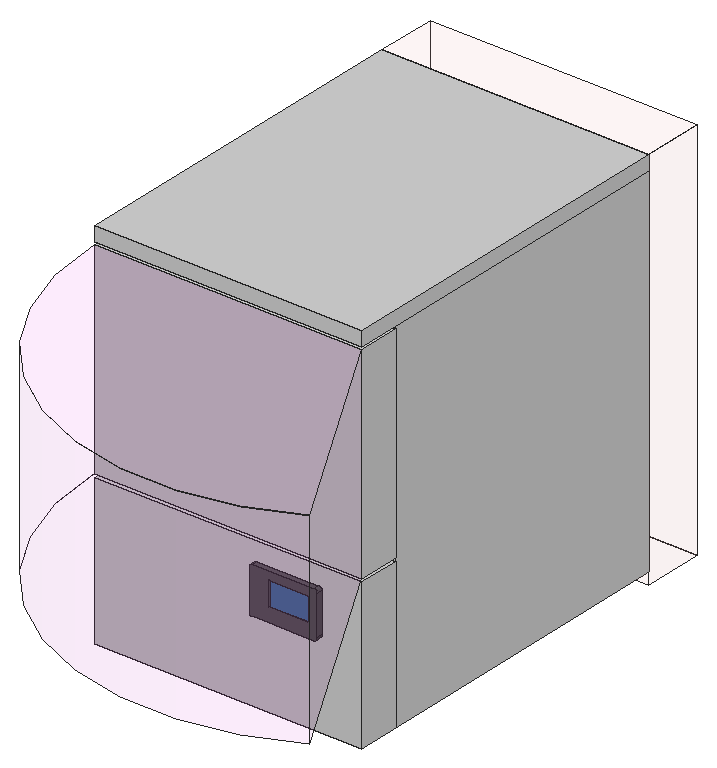
Revit family "Normann_ENTRY_ETR2_3A-R290", category Attrezzature speciali, Revit 2021
Family settings
  Quota connettore circolare = Usa diametro
  Tipo di parte = Normale
  Basato su piano di lavoro = No
  Sempre verticale = Sì
  Taglio con vuoti quando caricato = No
  Condiviso = No
  Punto di calcolo locali = No
Parameters (values of type "ENTRY2/3 AIR, R290, 220-240/1N/50, EVJ805, RHH, FEET")
  Yield per shock freezing cycle test time (EN22042) - min = 270
  Yield per shock freezing cycle energy consumed (EN22042) - kWh/kg = 0.223
  Yield per shock freezing cycle consuption (EN22042) - kWh = 0
  Yield per shock freezing cycle +65/-18°C (EN22042) - kg = 2
  Yield per shock freezing cycle (+90/-18°C) - kg = 4
  Yield per blast chiling cycle test time (EN22042) - min = 97
  Yield per blast chiling cycle energy consumed (EN22042) - kWh/kg = 0.087
  Yield per blast chiling cycle consumption (EN22042) - kWh = 0
  Yield per blast chiling cycle +65/+10°C (EN22042) - kg = 4
  Yield per blast chiling cycle (+90°C/+3°C) - kg = 6
  Wheel_Feet = no
  Wheel = Wheel_Feet  # no
  URL Manufacturer = "https://www.normann.it"
  Tray quantity GN2/3 h65mm = 0
  Tray quantity EN1-GN1/1 h65mm = 0
  Tray quantity EN1-GN1/1 h40mm = 0
  Tray quantity EN1-GN1/1 h20mm = 0
  Tray number = 3
  Tray Type = "GN2/3 (325 x 354 mm)"
  Temperature range - °C = "-40/+3"
  Suction line diameter - mm = 0 mm
  Show_Clearance [instance] = yes
  Refrigeration Climate Class = 4
  Refrigerant gas = "R290"
  Default Elevation = 0 mm
  built-in parameter 1010108 = ""
  Power Supply (Volts/Ph/Hz) = "220-240/1N/50"
  Packing volume - m3 = 0.2
  Packaging length actual - mm = 460 mm
  Packaging height actual - mm = 690 mm
  Packaging depth actual - mm = 610 mm
  Optional = "CORE PROBE"
  Net Weight kg = 124
  Model Series = "Entry"
  Model Category = "Blast chiller reach-in"
  Max power warm cycle - W = 0
  Max power cold cycle - W = 327
  Max current warm cycle - A = 0
  Max current cold cycle - A = 1.63
  Mat_Grid = Acciaio inox, spazzolato
  Mat_Frame = Acciaio inox, spazzolato
  Manufacturer = "Normann"
  Liquid line diameter - mm = 0 mm
  Length Actual = 440 mm
  Internal length actual - mm = 340 mm
  Internal height actual - mm = 250 mm
  Internal depth actual - mm = 364 mm
  Ice cream pan 5l quantity (360x165x120mm) = 0
  ID = "5A1D1A3B1-03A2E"
  Height_Door = 338 mm
  Height_Feet_Actual = if(Wheel_Feet, 150 mm, H_Feet_Limits)  # 125 mm
  Height Actual = 636 mm
  H_Feet_Limits = if(Height_Feet_100to160 < 100 mm, 100 mm, if(Height_Feet_100to160 > 160 mm, 160 mm, Height_Feet_100to160))  # 125 mm
  Gross Weight kg = 139
  GWP = 3
  Feet = not(Wheel_Feet)  # yes
  Door_SX = not(Door Side R_L)  # yes
  Door_DX = Door Side R_L  # no
  OffSet_Display = 68 mm
  Height_Feet_100to160 = 125 mm
  Door Side R_L = no
  Depth Body = 592 mm
  Depth Actual = 592 mm
  Controller = "EVJ805"
  Condensation = "AIR"
  Capacity internal - L = 31
  Asset Identifier = "ETR2/3A-R290"
Types (3, lengths in mm): name | ID
  (no name) | "5A1D1A3B1-03A2E"
  ENTRY2/3 AIR, R290, 220-240/1N/50, EVJ805, LHH, FEET | "5A1D1A3B1-03A1E"
  ENTRY2/3 AIR, R290, 220-240/1N/50, EVJ805, RHH, FEET | "5A1D1A3B1-03A2E"
Reference planes
  plane 1 "Retro": y = 0
  plane 2: z = 0
  plane 3 "Sinistra": x = 0
  plane 4: x = 65
  plane 5: x = 220
  plane 6: x = 375
  plane 7: x = 440
  plane 8: x = 88
  plane 9: x = 352
  plane 10: y = -100
  plane 11: y = -296
  plane 12: y = -452
  plane 13: y = -522
  plane 14: y = -592
  plane 15: y = -592
  plane 16: z = 20
  plane 17: z = 613
  plane 18: z = 197
  plane 19: z = 636
  plane 20: z = 608
  plane 21: z = 265
  plane 22: z = 270
  plane 23: y = 100
  plane 24 "Linee di taglio": y = -705
Forms (mm)
  Extrusion 1, solid, material "Acciaio inox, spazzolato" <- "Mat_Frame"
    sketch origin (0, 0, 0) x (1, 0, 0) y (0, 1, 0)
      loop
        line (0, 0) -> (0, -592) -> (440, -592) -> (440, 0) -> (0, 0)
    from 613 to 636
  Extrusion 2, solid, material "Acciaio inox, spazzolato" <- "Mat_Frame"
    sketch origin (0, 0, 0) x (1, 0, 0) y (0, 1, 0)
      loop
        line (0, 0) -> (0, -522) -> (440, -522) -> (440, 0) -> (0, 0)
    from 20 to 613
  Extrusion 3, solid, material "Acciaio inox, spazzolato" <- "Mat_Grid"
    sketch origin (0, 0, 0) x (1, 0, 0) y (0, 1, 0)
      loop
        line (0, -522) -> (0, -592) -> (440, -592) -> (440, -522) -> (0, -522)
    from 20 to 265
  Extrusion 4, solid, material "Acciaio inox, spazzolato" <- "Mat_Frame"
    sketch origin (0, 0, 0) x (1, 0, 0) y (0, 1, 0)
      loop
        line (0, -522) -> (0, -592) -> (440, -592) -> (440, -522) -> (0, -522)
    from 270 to 608
  Extrusion 5, solid, material "QF_Finishes_Clearance", visible <- "Show_Clearance"
    sketch origin (0, 0, 0) x (1, 0, 0) y (0, 1, 0)
      loop
        line (0, 100) -> (0, 0) -> (440, 0) -> (440, 100) -> (0, 100)
    from 0 to 636
  Extrusion 6, solid, material "Acciaio inox, spazzolato" <- "Mat_Frame"
    sketch origin (0, 0, 0) x (1, 0, 0) y (0, 0, 1)
      loop
        line (88, 50) -> (88, 80) -> (58, 80) -> (58, 50) -> (88, 50)
    from -1.043 to 0
  Extrusion 7, solid, material "Acciaio inox, spazzolato" <- "Mat_Frame"
    sketch origin (0, 0, 0) x (1, 0, 0) y (0, 0, 1)
      loop
        circle (352, 74.579) r 10
    from -6.778 to 0
Dimensions and locks
  equal spacing: plane 14, plane 11, plane 1 "Retro"
  "Depth Body": plane 14 to plane 1 "Retro"
  equal spacing: plane 3 "Sinistra", plane 5, plane 7
  "Length Actual": plane 3 "Sinistra" to plane 7
  locked: plane 3 "Sinistra" to plane 8 at 88
  locked: plane 9 to plane 7 at 88
  plane 4 to plane 5 to plane 6 = 155 mm locked, 155 mm locked
  plane 10 to plane 1 "Retro" = 100 mm
  plane 12 to plane 13 to plane 14 = 70 mm locked, 70 mm locked
  "Depth Actual": plane 15 to plane 1 "Retro"
  "Height Actual": plane 2 to plane 19
  locked: plane 17 to plane 19 at 23
  locked: plane 20 to plane 17 at 5
  "OffSet_Display": plane 21 to plane 18
  locked: plane 2 to plane 16 at 20
  plane 16 to plane 21 = 245 mm
  locked: plane 21 to plane 22 at 5
  locked: plane 1 "Retro" to plane 23 at 100
  plane 20 to plane 22 = 338 mm
  plane 24 "Linee di taglio" to nested 7 = 113 mm
  aligned and locked: level to plane 2
  aligned and locked: plane 1 "Retro" to Extrusion 1 sketch curve
  aligned and locked: plane 3 "Sinistra" to Extrusion 1 sketch curve
  aligned and locked: plane 7 to Extrusion 1 sketch curve
  aligned and locked: plane 14 to Extrusion 1 sketch curve
  aligned and locked: Extrusion 1 to plane 19
  aligned and locked: plane 17 to Extrusion 1
  aligned and locked: Extrusion 2 sketch curve to Extrusion 1  (x2)
  aligned and locked: Extrusion 2 sketch curve to plane 13
  aligned and locked: plane 7 to Extrusion 2 sketch curve
  aligned and locked: Extrusion 3 sketch curve to Extrusion 2  (x2)
  aligned and locked: plane 14 to Extrusion 3 sketch curve
  aligned and locked: Extrusion 3 sketch curve to Extrusion 1
  aligned and locked: Extrusion 4 sketch curve to Extrusion 2  (x2)
  aligned and locked: Extrusion 4 sketch curve to Extrusion 1  (x2)
  aligned and locked: Extrusion 2 to plane 17
  aligned and locked: plane 16 to Extrusion 2
  aligned and locked: plane 20 to Extrusion 4
  aligned and locked: Extrusion 4 to plane 22
  aligned and locked: Extrusion 3 to plane 21
  aligned and locked: plane 16 to Extrusion 3
  aligned and locked: plane 12 to nested 1
  aligned and locked: nested 1 to plane 9
  aligned and locked: nested 3 to plane 12
  aligned and locked: nested 3 to plane 8
  aligned and locked: Extrusion 5 sketch curve to plane 23
  aligned and locked: Extrusion 5 sketch curve to plane 1 "Retro"
  aligned and locked: Extrusion 5 to plane 19
  aligned and locked: plane 1 "Retro" to Extrusion 6
  aligned and locked: plane 1 "Retro" to Extrusion 7
  aligned and locked: nested 7 to plane 14
  aligned and locked: plane 3 "Sinistra" to nested 7
  aligned and locked: nested 7 to plane 20
  aligned and locked: plane 14 to nested 8
  aligned and locked: nested 8 to plane 7
  aligned and locked: nested 8 to plane 20
  aligned and locked: Extrusion 5 to plane 3 "Sinistra"
  aligned and locked: Extrusion 5 to plane 7
  aligned and locked: nested 2 to plane 9
  aligned and locked: plane 18 to nested 6
  aligned and locked: plane 6 to nested 6
  aligned and locked: plane 5 to nested 5
  aligned and locked: nested 5 to plane 18
Automatic sketch dimensions
  Extrusion 6 sketch curve to plane 8 = 0 mm
  Extrusion 6 sketch curve to plane 8 = 30 mm
  Extrusion 6 sketch curve to plane 16 = 30 mm
  Extrusion 6 sketch curve to Extrusion 6 sketch curve = 30 mm
  Extrusion 7 sketch curve to plane 9 = 0 mm
  Extrusion 7 sketch curve to plane 16 = 54.579 mm
  Extrusion 5 sketch curve to plane 7 = 0 mm
  Extrusion 5 sketch curve to plane 3 "Sinistra" = 0 mm
  radius of Extrusion 7 sketch curve = 10 mm
Nested families
  nested 1: "Piede_20mm_Param_Norm" at (352, -452, 20) x (0, 1, 0) z (0, 0, -1), type "Piede_20mm_Param_Norm"
  nested 2: "Piede_20mm_Param_Norm" at (352, -100, 20) x (0, 1, 0) z (0, 0, -1), type "Piede_20mm_Param_Norm"
  nested 3: "Piede_20mm_Param_Norm" at (88, -452, 20) x (0, 1, 0) z (0, 0, -1), type "Piede_20mm_Param_Norm"
  nested 4: "Piede_20mm_Param_Norm" at (88, -100, 20) x (0, 1, 0) z (0, 0, -1), type "Piede_20mm_Param_Norm"
  nested 5: "Griglia_Entry_Tiny" at (-39.083, -592, 261.402) x (1, 0, 0) z (0, -1, 0), type "Griglia_Entry_Tiny"
  nested 6: "Display_Entry" at (319, -592, 197) x (1, 0, 0) z (0, -1, 0), type "Display_Entry"
  nested 7: "Door_Clearance" at (0, -592, 270), Show_Clearance <- "Show_Clearance", visible <- "Door_DX", W <- "Length Actual", H <- "Height_Door", type "Door_Clearance"
    with W 440 mm, Show_Clearance yes, H 338 mm
  nested 8: "Door_Clearance" at (440, -592, 270) x (-1, 0, 0) z (0, 0, 1), W <- "Length Actual", H <- "Height_Door", Show_Clearance <- "Show_Clearance", visible <- "Door_SX", type "Door_Clearance"
    with W 440 mm, Show_Clearance yes, H 338 mm
Connectors
  piping at (352, 6.778, 74.579), diameter 20
    settings: on Extrusion 7, index 2, connector inside diameter 609.6 mm, connector length 0 mm, flow factor 0, pipe flow 0.0 L/s, pressure drop 0.0 Pa, fitting loss kfactor 0, connector angle 0.00°, fixture units 0, engagement length 0 mm, angle of deflection 0.00°, flow configuration 0, flow direction 0, fitting loss method 0, system type 29, joint type 0, gender type 0, connector reference index -1, connector utility 0, adjustable connector no, is connector primary yes, connector description "Water connection"
  electrical at (73, 1.043, 65)
    settings: on Extrusion 6, index 3, voltage 0 V, apparent load 0 VA, apparent load phase1 0 VA, apparent load phase2 0 VA, apparent load phase3 0 VA, power factor 1, load classification "Altro", number of poles 1, system type 31, power factor state 1, is connector primary yes, connector utility no, sub classification motor no, connector description "Electrical connection"
Definition of nested family "Piede_20mm_Param_Norm"
  Parameters (values of type "Piede_20mm_Param_Norm")
    Default Elevation = 1219.2 mm
    Mat_Frame [instance] = none
    Mat_Feet [instance] = none
    H_Feet = 20 mm
    D = 55 mm
  Reference planes
    plane 1 "Centro (Fronte/Retro)": y = 0
    plane 2: z = 0
    plane 3 "Centro (Sinistra/Destra)": x = 0
    plane 4: y = 27.5
    plane 5: y = -27.5
    plane 6: z = 20
    plane 7: z = 6.5
  Forms (mm)
    Extrusion 1, solid
      sketch origin (0, 0, 0) x (1, 0, 0) y (0, 1, 0)
        loop
          line (-1219.2, 1219.2) -> (-1219.2, -1219.2) -> (1219.2, -1219.2) -> (1219.2, 1219.2) -> (-1219.2, 1219.2)
      from 0 to -304.8
    Revolve 2, solid, material <- "Mat_Feet"
      sketch origin (0, 0, 0) x (0, 1, 0) y (0, 0, 1)
        loop
          line (-15.511, 6.5) -> (0, 6.5) -> (0, 20) -> (-17.153, 20)
          arc (-17.153, 20) -> (-18.948, 19.072) -> (-19.228, 17.07) r 2.2
          line (-19.228, 17.07) -> (-15.511, 6.5)
        axis (0, 20) -> (0, 6.5)
      angle from 0 to 360
    Extrusion 3, solid, material <- "Mat_Frame"
      sketch origin (0, 0, 0) x (1, 0, 0) y (0, 1, 0)
        loop
          line (3.743, 6.5) -> (-3.762, 6.5) -> (-7.515, 0.001) -> (-3.762, -6.5) -> (3.743, -6.5) -> (7.497, 0) -> (3.743, 6.5)
      from 0 to 6.5
  Dimensions and locks
    equal spacing: plane 5, plane 1 "Centro (Fronte/Retro)", plane 4
    "D": plane 5 to plane 4
    "H_Feet": plane 2 to plane 6
    locked: plane 7 to plane 6 at 13.5
    aligned and locked: plane 2 to Extrusion 1
    aligned and locked: level to Extrusion 1
    aligned and locked: Extrusion 3 to Revolve 2
    aligned and locked: Extrusion 3 to plane 2
    aligned and locked: Revolve 2 to plane 7
    aligned and locked: plane 7 to Extrusion 3
  Automatic sketch dimensions
    Extrusion 1 sketch curve to Extrusion 1 sketch curve = 2438.4 mm  (x2)
    plane 6 to Revolve 2 sketch curve = 0 mm
    Revolve 2 sketch curve to plane 1 "Centro (Fronte/Retro)" = 0 mm  (x2)
    Revolve 2 sketch curve to plane 5 = 11.989 mm
    plane 6 to Revolve 2 sketch curve = 2.2 mm
    Revolve 2 sketch curve to plane 5 = 10.347 mm
    plane 6 to Revolve 2 sketch curve = 2.93 mm
    level to Revolve 2 sketch curve = 6.5 mm
    level to Revolve 2 sketch curve = 2.038 mm
    Revolve 2 sketch curve to Revolve 2 sketch curve = 7.473 mm
    Extrusion 3 sketch curve to plane 3 "Centro (Sinistra/Destra)" = 7.515 mm
    Extrusion 3 sketch curve to Extrusion 3 sketch curve = 3.753 mm  (x2)
    Extrusion 3 sketch curve to Extrusion 3 sketch curve = 3.752 mm
    plane 3 "Centro (Sinistra/Destra)" to Extrusion 3 sketch curve = 3.743 mm  (x2)
    plane 1 "Centro (Fronte/Retro)" to Extrusion 3 sketch curve = 0 mm
    Extrusion 3 sketch curve to plane 1 "Centro (Fronte/Retro)" = 0.001 mm
    Extrusion 3 sketch curve to Extrusion 3 sketch curve = 6.501 mm
    Extrusion 3 sketch curve to Extrusion 3 sketch curve = 6.499 mm
Definition of nested family "Display_Entry"
  Parameters (values of type "Display_Entry")
    W = 112 mm
    Default Elevation = 1219.2 mm
    H = 10 mm
    D = 76 mm
  Reference planes
    plane 1 "Centro (Fronte/Retro)": y = 0
    plane 2: z = 0
    plane 3 "Centro (Sinistra/Destra)": x = 0
    plane 4: x = 56
    plane 5: x = -56
    plane 6: y = 38
    plane 7: y = -38
    plane 8: z = 10
    plane 9: z = 8
  Forms (mm)
    Extrusion 1, solid
      sketch origin (0, 0, 0) x (1, 0, 0) y (0, 1, 0)
        loop
          line (-1219.2, 1219.2) -> (-1219.2, -1219.2) -> (1219.2, -1219.2) -> (1219.2, 1219.2) -> (-1219.2, 1219.2)
      from 0 to -304.8
    Extrusion 2, solid
      sketch origin (0, 0, 0) x (1, 0, 0) y (0, 1, 0)
        loop
          arc (-51, 38) -> (-54.536, 36.536) -> (-56, 33) r 5
          line (-56, 33) -> (-56, -33)
          arc (-56, -33) -> (-54.536, -36.536) -> (-51, -38) r 5
          line (-51, -38) -> (51, -38)
          arc (51, -38) -> (54.536, -36.536) -> (56, -33) r 5
          line (56, -33) -> (56, 33)
          arc (56, 33) -> (54.536, 36.536) -> (51, 38) r 5
          line (51, 38) -> (-51, 38)
        loop
          line (-23.475, 24.857) -> (-23.475, -15.143) -> (41.525, -15.143) -> (41.525, 24.857) -> (-23.475, 24.857)
      from 0 to 10
    Extrusion 3, solid
      sketch origin (0, 0, 0) x (1, 0, 0) y (0, 1, 0)
        loop
          line (-23.475, 24.857) -> (-23.475, -15.143) -> (41.525, -15.143) -> (41.525, 24.857) -> (-23.475, 24.857)
      from 0 to 8
  Dimensions and locks
    "W": plane 5 to plane 4
    equal spacing: plane 7, plane 1 "Centro (Fronte/Retro)", plane 6
    "D": plane 7 to plane 6
    equal spacing: plane 5, plane 3 "Centro (Sinistra/Destra)", plane 4
    locked: plane 9 to plane 8 at 2
    "H": plane 2 to plane 8
    aligned and locked: plane 2 to Extrusion 1
    aligned and locked: level to Extrusion 1
    aligned and locked: plane 6 to Extrusion 2 sketch curve
    aligned and locked: Extrusion 2 sketch curve to plane 5
    aligned and locked: plane 7 to Extrusion 2 sketch curve
    aligned and locked: plane 4 to Extrusion 2 sketch curve
    aligned and locked: Extrusion 3 sketch curve to Extrusion 2  (x4)
    aligned and locked: Extrusion 2 to plane 8
    aligned and locked: plane 9 to Extrusion 3
  Automatic sketch dimensions
    Extrusion 1 sketch curve to Extrusion 1 sketch curve = 2438.4 mm  (x2)
    Extrusion 2 sketch curve to plane 5 = 5 mm  (x2)
    Extrusion 2 sketch curve to plane 3 "Centro (Sinistra/Destra)" = 23.475 mm
    plane 4 to Extrusion 2 sketch curve = 14.475 mm
    plane 4 to Extrusion 2 sketch curve = 5 mm  (x2)
    plane 1 "Centro (Fronte/Retro)" to Extrusion 2 sketch curve = 15.143 mm
    Extrusion 2 sketch curve to Extrusion 2 sketch curve = 8.143 mm
Definition of nested family "Door_Clearance"
  Parameters (values of type "Door_Clearance")
    W [instance] = 750 mm
    Show_Clearance [instance] = yes
    Default Elevation = 0 mm
    H [instance] = 464 mm
  Reference planes
    plane 1 "Centro (Fronte/Retro)": y = 0
    plane 2: z = 0
    plane 3 "Centro (Sinistra/Destra)": x = 0
    plane 4: x = 750
    plane 5: z = 464
  Forms (mm)
    Revolve 1, solid, visible <- "Show_Clearance"
      sketch origin (0, 0, 0) x (1, 0, 0) y (0, 0, 1)
        loop
          line (0, 464) -> (0, 0) -> (750, 0) -> (750, 464) -> (0, 464)
        axis (0, 464) -> (0, 0)
      angle from 240 to 360
  Dimensions and locks
    "W": plane 3 "Centro (Sinistra/Destra)" to plane 4
    "H": plane 2 to plane 5
    aligned and locked: level to plane 2
    aligned and locked: plane 2 to Revolve 1
    aligned and locked: Revolve 1 to plane 5
  Automatic sketch dimensions
    Revolve 1 sketch curve to plane 3 "Centro (Sinistra/Destra)" = 0 mm  (x2)
    plane 4 to Revolve 1 sketch curve = 0 mm
    level to Revolve 1 sketch curve = 0 mm
    Revolve 1 sketch curve to Revolve 1 sketch curve = 464 mm
    Revolve 1 sketch curve to Revolve 1 sketch curve = 263.9 mm
    Revolve 1 sketch curve to Revolve 1 sketch curve = 334.115 mm
Definition of nested family "Griglia_Entry_Tiny"
  Parameters (values of type "Griglia_Entry_Tiny")
    Default Elevation = 1219.2 mm
  Reference planes
    plane 1 "Centro (Fronte/Retro)": y = 0
    plane 2: z = 0
    plane 3 "Centro (Sinistra/Destra)": x = 0
  Forms (mm)
    Extrusion 1, solid
      sketch origin (0, 0, 0) x (1, 0, 0) y (0, 1, 0)
        loop
          line (-1219.2, 1219.2) -> (-1219.2, -1219.2) -> (1219.2, -1219.2) -> (1219.2, 1219.2) -> (-1219.2, 1219.2)
      from 0 to -304.8
  Lines and regions (mm)
    model lines, detail levels medium+fine
      curve 1: line (229.083, -22.602, 0) -> (259.083, -22.602, 0)
      curve 2: line (229.083, -28.602, 0) -> (229.083, -22.602, 0)
      curve 3: line (259.083, -28.602, 0) -> (229.083, -28.602, 0)
      curve 4: line (259.083, -22.602, 0) -> (259.083, -28.602, 0)
      curve 5: line (229.083, -31.202, 0) -> (259.083, -31.202, 0)
      curve 6: line (229.083, -37.202, 0) -> (229.083, -31.202, 0)
      curve 7: line (259.083, -37.202, 0) -> (229.083, -37.202, 0)
      curve 8: line (259.083, -31.202, 0) -> (259.083, -37.202, 0)
      curve 9: line (229.083, -39.802, 0) -> (259.083, -39.802, 0)
      curve 10: line (229.083, -45.802, 0) -> (229.083, -39.802, 0)
      curve 11: line (259.083, -45.802, 0) -> (229.083, -45.802, 0)
      curve 12: line (259.083, -39.802, 0) -> (259.083, -45.802, 0)
      curve 13: line (229.083, -48.402, 0) -> (259.083, -48.402, 0)
      curve 14: line (229.083, -54.402, 0) -> (229.083, -48.402, 0)
      curve 15: line (259.083, -54.402, 0) -> (229.083, -54.402, 0)
      curve 16: line (259.083, -48.402, 0) -> (259.083, -54.402, 0)
      curve 17: line (229.083, -57.002, 0) -> (259.083, -57.002, 0)
      curve 18: line (229.083, -63.002, 0) -> (229.083, -57.002, 0)
      curve 19: line (259.083, -63.002, 0) -> (229.083, -63.002, 0)
      curve 20: line (259.083, -57.002, 0) -> (259.083, -63.002, 0)
      curve 21: line (229.083, -65.602, 0) -> (259.083, -65.602, 0)
      curve 22: line (229.083, -71.602, 0) -> (229.083, -65.602, 0)
      curve 23: line (259.083, -71.602, 0) -> (229.083, -71.602, 0)
      curve 24: line (259.083, -65.602, 0) -> (259.083, -71.602, 0)
      curve 25: line (229.083, -74.202, 0) -> (259.083, -74.202, 0)
      curve 26: line (229.083, -80.202, 0) -> (229.083, -74.202, 0)
      curve 27: line (259.083, -80.202, 0) -> (229.083, -80.202, 0)
      curve 28: line (259.083, -74.202, 0) -> (259.083, -80.202, 0)
      curve 29: line (229.083, -82.802, 0) -> (259.083, -82.802, 0)
      curve 30: line (229.083, -88.802, 0) -> (229.083, -82.802, 0)
      curve 31: line (259.083, -88.802, 0) -> (229.083, -88.802, 0)
      curve 32: line (259.083, -82.802, 0) -> (259.083, -88.802, 0)
      curve 33: line (229.083, -91.402, 0) -> (259.083, -91.402, 0)
      curve 34: line (229.083, -97.402, 0) -> (229.083, -91.402, 0)
      curve 35: line (259.083, -97.402, 0) -> (229.083, -97.402, 0)
      curve 36: line (259.083, -91.402, 0) -> (259.083, -97.402, 0)
      curve 37: line (229.083, -100.002, 0) -> (259.083, -100.002, 0)
      curve 38: line (229.083, -106.002, 0) -> (229.083, -100.002, 0)
      curve 39: line (259.083, -106.002, 0) -> (229.083, -106.002, 0)
      curve 40: line (259.083, -100.002, 0) -> (259.083, -106.002, 0)
      curve 41: line (229.083, -108.602, 0) -> (259.083, -108.602, 0)
      curve 42: line (229.083, -114.602, 0) -> (229.083, -108.602, 0)
      curve 43: line (259.083, -114.602, 0) -> (229.083, -114.602, 0)
      curve 44: line (259.083, -108.602, 0) -> (259.083, -114.602, 0)
      curve 45: line (229.083, -117.202, 0) -> (259.083, -117.202, 0)
      curve 46: line (229.083, -123.202, 0) -> (229.083, -117.202, 0)
      curve 47: line (259.083, -123.202, 0) -> (229.083, -123.202, 0)
      curve 48: line (259.083, -117.202, 0) -> (259.083, -123.202, 0)
      curve 49: line (229.083, -125.802, 0) -> (259.083, -125.802, 0)
      curve 50: line (229.083, -131.802, 0) -> (229.083, -125.802, 0)
      curve 51: line (259.083, -131.802, 0) -> (229.083, -131.802, 0)
      curve 52: line (259.083, -125.802, 0) -> (259.083, -131.802, 0)
      curve 53: line (229.083, -134.402, 0) -> (259.083, -134.402, 0)
      curve 54: line (229.083, -140.402, 0) -> (229.083, -134.402, 0)
      curve 55: line (259.083, -140.402, 0) -> (229.083, -140.402, 0)
      curve 56: line (259.083, -134.402, 0) -> (259.083, -140.402, 0)
      curve 57: line (229.083, -143.002, 0) -> (259.083, -143.002, 0)
      curve 58: line (229.083, -149.002, 0) -> (229.083, -143.002, 0)
      curve 59: line (259.083, -149.002, 0) -> (229.083, -149.002, 0)
      curve 60: line (259.083, -143.002, 0) -> (259.083, -149.002, 0)
      curve 61: line (229.083, -151.602, 0) -> (259.083, -151.602, 0)
      curve 62: line (229.083, -157.602, 0) -> (229.083, -151.602, 0)
      curve 63: line (259.083, -157.602, 0) -> (229.083, -157.602, 0)
      curve 64: line (259.083, -151.602, 0) -> (259.083, -157.602, 0)
      curve 65: line (229.083, -160.202, 0) -> (259.083, -160.202, 0)
      curve 66: line (229.083, -166.202, 0) -> (229.083, -160.202, 0)
      curve 67: line (259.083, -166.202, 0) -> (229.083, -166.202, 0)
      curve 68: line (259.083, -160.202, 0) -> (259.083, -166.202, 0)
      curve 69: line (229.083, -168.802, 0) -> (259.083, -168.802, 0)
      curve 70: line (229.083, -174.802, 0) -> (229.083, -168.802, 0)
      curve 71: line (259.083, -174.802, 0) -> (229.083, -174.802, 0)
      curve 72: line (259.083, -168.802, 0) -> (259.083, -174.802, 0)
      curve 73: line (229.083, -177.402, 0) -> (259.083, -177.402, 0)
      curve 74: line (229.083, -183.402, 0) -> (229.083, -177.402, 0)
      curve 75: line (259.083, -183.402, 0) -> (229.083, -183.402, 0)
      curve 76: line (259.083, -177.402, 0) -> (259.083, -183.402, 0)
      curve 77: line (229.083, -186.002, 0) -> (259.083, -186.002, 0)
      curve 78: line (229.083, -192.002, 0) -> (229.083, -186.002, 0)
      curve 79: line (259.083, -192.002, 0) -> (229.083, -192.002, 0)
      curve 80: line (259.083, -186.002, 0) -> (259.083, -192.002, 0)
      curve 81: line (229.083, -194.602, 0) -> (259.083, -194.602, 0)
      curve 82: line (229.083, -200.602, 0) -> (229.083, -194.602, 0)
      curve 83: line (259.083, -200.602, 0) -> (229.083, -200.602, 0)
      curve 84: line (259.083, -194.602, 0) -> (259.083, -200.602, 0)
      curve 85: line (229.083, -203.202, 0) -> (259.083, -203.202, 0)
      curve 86: line (229.083, -209.202, 0) -> (229.083, -203.202, 0)
      curve 87: line (259.083, -209.202, 0) -> (229.083, -209.202, 0)
      curve 88: line (259.083, -203.202, 0) -> (259.083, -209.202, 0)
      curve 89: line (78.458, -22.602, 0) -> (108.458, -22.602, 0)
      curve 90: line (78.458, -28.602, 0) -> (78.458, -22.602, 0)
      curve 91: line (108.458, -28.602, 0) -> (78.458, -28.602, 0)
      curve 92: line (108.458, -22.602, 0) -> (108.458, -28.602, 0)
      curve 93: line (153.458, -22.602, 0) -> (183.458, -22.602, 0)
      curve 94: line (153.458, -28.602, 0) -> (153.458, -22.602, 0)
      curve 95: line (183.458, -28.602, 0) -> (153.458, -28.602, 0)
      curve 96: line (183.458, -22.602, 0) -> (183.458, -28.602, 0)
      curve 97: line (78.458, -31.202, 0) -> (108.458, -31.202, 0)
      curve 98: line (78.458, -37.202, 0) -> (78.458, -31.202, 0)
      curve 99: line (108.458, -37.202, 0) -> (78.458, -37.202, 0)
      curve 100: line (108.458, -31.202, 0) -> (108.458, -37.202, 0)
      curve 101: line (78.458, -39.802, 0) -> (108.458, -39.802, 0)
      curve 102: line (78.458, -45.802, 0) -> (78.458, -39.802, 0)
      curve 103: line (108.458, -45.802, 0) -> (78.458, -45.802, 0)
      curve 104: line (108.458, -39.802, 0) -> (108.458, -45.802, 0)
      curve 105: line (78.458, -48.402, 0) -> (108.458, -48.402, 0)
      curve 106: line (78.458, -54.402, 0) -> (78.458, -48.402, 0)
      curve 107: line (108.458, -54.402, 0) -> (78.458, -54.402, 0)
      curve 108: line (108.458, -48.402, 0) -> (108.458, -54.402, 0)
      curve 109: line (78.458, -57.002, 0) -> (108.458, -57.002, 0)
      curve 110: line (78.458, -63.002, 0) -> (78.458, -57.002, 0)
      curve 111: line (108.458, -63.002, 0) -> (78.458, -63.002, 0)
      curve 112: line (108.458, -57.002, 0) -> (108.458, -63.002, 0)
      curve 113: line (78.458, -65.602, 0) -> (108.458, -65.602, 0)
      curve 114: line (78.458, -71.602, 0) -> (78.458, -65.602, 0)
      curve 115: line (108.458, -71.602, 0) -> (78.458, -71.602, 0)
      curve 116: line (108.458, -65.602, 0) -> (108.458, -71.602, 0)
      curve 117: line (78.458, -74.202, 0) -> (108.458, -74.202, 0)
      curve 118: line (78.458, -80.202, 0) -> (78.458, -74.202, 0)
      curve 119: line (108.458, -80.202, 0) -> (78.458, -80.202, 0)
      curve 120: line (108.458, -74.202, 0) -> (108.458, -80.202, 0)
      curve 121: line (78.458, -82.802, 0) -> (108.458, -82.802, 0)
      curve 122: line (78.458, -88.802, 0) -> (78.458, -82.802, 0)
      curve 123: line (108.458, -88.802, 0) -> (78.458, -88.802, 0)
      curve 124: line (108.458, -82.802, 0) -> (108.458, -88.802, 0)
      curve 125: line (78.458, -91.402, 0) -> (108.458, -91.402, 0)
      curve 126: line (78.458, -97.402, 0) -> (78.458, -91.402, 0)
      curve 127: line (108.458, -97.402, 0) -> (78.458, -97.402, 0)
      curve 128: line (108.458, -91.402, 0) -> (108.458, -97.402, 0)
      curve 129: line (78.458, -100.002, 0) -> (108.458, -100.002, 0)
      curve 130: line (78.458, -106.002, 0) -> (78.458, -100.002, 0)
      curve 131: line (108.458, -106.002, 0) -> (78.458, -106.002, 0)
      curve 132: line (108.458, -100.002, 0) -> (108.458, -106.002, 0)
      curve 133: line (78.458, -108.602, 0) -> (108.458, -108.602, 0)
      curve 134: line (78.458, -114.602, 0) -> (78.458, -108.602, 0)
      curve 135: line (108.458, -114.602, 0) -> (78.458, -114.602, 0)
      curve 136: line (108.458, -108.602, 0) -> (108.458, -114.602, 0)
      curve 137: line (78.458, -117.202, 0) -> (108.458, -117.202, 0)
      curve 138: line (78.458, -123.202, 0) -> (78.458, -117.202, 0)
      curve 139: line (108.458, -123.202, 0) -> (78.458, -123.202, 0)
      curve 140: line (108.458, -117.202, 0) -> (108.458, -123.202, 0)
      curve 141: line (78.458, -125.802, 0) -> (108.458, -125.802, 0)
      curve 142: line (78.458, -131.802, 0) -> (78.458, -125.802, 0)
      curve 143: line (108.458, -131.802, 0) -> (78.458, -131.802, 0)
      curve 144: line (108.458, -125.802, 0) -> (108.458, -131.802, 0)
      curve 145: line (78.458, -134.402, 0) -> (108.458, -134.402, 0)
      curve 146: line (78.458, -140.402, 0) -> (78.458, -134.402, 0)
      curve 147: line (108.458, -140.402, 0) -> (78.458, -140.402, 0)
      curve 148: line (108.458, -134.402, 0) -> (108.458, -140.402, 0)
      curve 149: line (78.458, -143.002, 0) -> (108.458, -143.002, 0)
      curve 150: line (78.458, -149.002, 0) -> (78.458, -143.002, 0)
      curve 151: line (108.458, -149.002, 0) -> (78.458, -149.002, 0)
      curve 152: line (108.458, -143.002, 0) -> (108.458, -149.002, 0)
      curve 153: line (78.458, -151.602, 0) -> (108.458, -151.602, 0)
      curve 154: line (78.458, -157.602, 0) -> (78.458, -151.602, 0)
      curve 155: line (108.458, -157.602, 0) -> (78.458, -157.602, 0)
      curve 156: line (108.458, -151.602, 0) -> (108.458, -157.602, 0)
      curve 157: line (78.458, -160.202, 0) -> (108.458, -160.202, 0)
      curve 158: line (78.458, -166.202, 0) -> (78.458, -160.202, 0)
      curve 159: line (108.458, -166.202, 0) -> (78.458, -166.202, 0)
      curve 160: line (108.458, -160.202, 0) -> (108.458, -166.202, 0)
      curve 161: line (78.458, -168.802, 0) -> (108.458, -168.802, 0)
      curve 162: line (78.458, -174.802, 0) -> (78.458, -168.802, 0)
      curve 163: line (108.458, -174.802, 0) -> (78.458, -174.802, 0)
      curve 164: line (108.458, -168.802, 0) -> (108.458, -174.802, 0)
      curve 165: line (78.458, -177.402, 0) -> (108.458, -177.402, 0)
      curve 166: line (78.458, -183.402, 0) -> (78.458, -177.402, 0)
      curve 167: line (108.458, -183.402, 0) -> (78.458, -183.402, 0)
      curve 168: line (108.458, -177.402, 0) -> (108.458, -183.402, 0)
      curve 169: line (78.458, -186.002, 0) -> (108.458, -186.002, 0)
      curve 170: line (78.458, -192.002, 0) -> (78.458, -186.002, 0)
      curve 171: line (108.458, -192.002, 0) -> (78.458, -192.002, 0)
      curve 172: line (108.458, -186.002, 0) -> (108.458, -192.002, 0)
      curve 173: line (78.458, -194.602, 0) -> (108.458, -194.602, 0)
      curve 174: line (78.458, -200.602, 0) -> (78.458, -194.602, 0)
      curve 175: line (108.458, -200.602, 0) -> (78.458, -200.602, 0)
      curve 176: line (108.458, -194.602, 0) -> (108.458, -200.602, 0)
      curve 177: line (78.458, -203.202, 0) -> (108.458, -203.202, 0)
      curve 178: line (78.458, -209.202, 0) -> (78.458, -203.202, 0)
      curve 179: line (108.458, -209.202, 0) -> (78.458, -209.202, 0)
      curve 180: line (108.458, -203.202, 0) -> (108.458, -209.202, 0)
      curve 181: line (153.458, -31.202, 0) -> (183.458, -31.202, 0)
      curve 182: line (153.458, -37.202, 0) -> (153.458, -31.202, 0)
      curve 183: line (183.458, -37.202, 0) -> (153.458, -37.202, 0)
      curve 184: line (183.458, -31.202, 0) -> (183.458, -37.202, 0)
      curve 185: line (153.458, -39.802, 0) -> (183.458, -39.802, 0)
      curve 186: line (153.458, -45.802, 0) -> (153.458, -39.802, 0)
      curve 187: line (183.458, -45.802, 0) -> (153.458, -45.802, 0)
      curve 188: line (183.458, -39.802, 0) -> (183.458, -45.802, 0)
      curve 189: line (153.458, -48.402, 0) -> (183.458, -48.402, 0)
      curve 190: line (153.458, -54.402, 0) -> (153.458, -48.402, 0)
      curve 191: line (183.458, -54.402, 0) -> (153.458, -54.402, 0)
      curve 192: line (183.458, -48.402, 0) -> (183.458, -54.402, 0)
      curve 193: line (153.458, -57.002, 0) -> (183.458, -57.002, 0)
      curve 194: line (153.458, -63.002, 0) -> (153.458, -57.002, 0)
      curve 195: line (183.458, -63.002, 0) -> (153.458, -63.002, 0)
      curve 196: line (183.458, -57.002, 0) -> (183.458, -63.002, 0)
      curve 197: line (153.458, -65.602, 0) -> (183.458, -65.602, 0)
      curve 198: line (153.458, -71.602, 0) -> (153.458, -65.602, 0)
      curve 199: line (183.458, -71.602, 0) -> (153.458, -71.602, 0)
      curve 200: line (183.458, -65.602, 0) -> (183.458, -71.602, 0)
      curve 201: line (153.458, -74.202, 0) -> (183.458, -74.202, 0)
      curve 202: line (153.458, -80.202, 0) -> (153.458, -74.202, 0)
      curve 203: line (183.458, -80.202, 0) -> (153.458, -80.202, 0)
      curve 204: line (183.458, -74.202, 0) -> (183.458, -80.202, 0)
      curve 205: line (153.458, -82.802, 0) -> (183.458, -82.802, 0)
      curve 206: line (153.458, -88.802, 0) -> (153.458, -82.802, 0)
      curve 207: line (183.458, -88.802, 0) -> (153.458, -88.802, 0)
      curve 208: line (183.458, -82.802, 0) -> (183.458, -88.802, 0)
      curve 209: line (153.458, -91.402, 0) -> (183.458, -91.402, 0)
      curve 210: line (153.458, -97.402, 0) -> (153.458, -91.402, 0)
      curve 211: line (183.458, -97.402, 0) -> (153.458, -97.402, 0)
      curve 212: line (183.458, -91.402, 0) -> (183.458, -97.402, 0)
      curve 213: line (153.458, -100.002, 0) -> (183.458, -100.002, 0)
      curve 214: line (153.458, -106.002, 0) -> (153.458, -100.002, 0)
      curve 215: line (183.458, -106.002, 0) -> (153.458, -106.002, 0)
      curve 216: line (183.458, -100.002, 0) -> (183.458, -106.002, 0)
      curve 217: line (153.458, -108.602, 0) -> (183.458, -108.602, 0)
      curve 218: line (153.458, -114.602, 0) -> (153.458, -108.602, 0)
      curve 219: line (183.458, -114.602, 0) -> (153.458, -114.602, 0)
      curve 220: line (183.458, -108.602, 0) -> (183.458, -114.602, 0)
      curve 221: line (153.458, -117.202, 0) -> (183.458, -117.202, 0)
      curve 222: line (153.458, -123.202, 0) -> (153.458, -117.202, 0)
      curve 223: line (183.458, -123.202, 0) -> (153.458, -123.202, 0)
      curve 224: line (183.458, -117.202, 0) -> (183.458, -123.202, 0)
      curve 225: line (153.458, -125.802, 0) -> (183.458, -125.802, 0)
      curve 226: line (153.458, -131.802, 0) -> (153.458, -125.802, 0)
      curve 227: line (183.458, -131.802, 0) -> (153.458, -131.802, 0)
      curve 228: line (183.458, -125.802, 0) -> (183.458, -131.802, 0)
      curve 229: line (153.458, -134.402, 0) -> (183.458, -134.402, 0)
      curve 230: line (153.458, -140.402, 0) -> (153.458, -134.402, 0)
      curve 231: line (183.458, -140.402, 0) -> (153.458, -140.402, 0)
      curve 232: line (183.458, -134.402, 0) -> (183.458, -140.402, 0)
      curve 233: line (153.458, -143.002, 0) -> (183.458, -143.002, 0)
      curve 234: line (153.458, -149.002, 0) -> (153.458, -143.002, 0)
      curve 235: line (183.458, -149.002, 0) -> (153.458, -149.002, 0)
      curve 236: line (183.458, -143.002, 0) -> (183.458, -149.002, 0)
      curve 237: line (153.458, -151.602, 0) -> (183.458, -151.602, 0)
      curve 238: line (153.458, -157.602, 0) -> (153.458, -151.602, 0)
      curve 239: line (183.458, -157.602, 0) -> (153.458, -157.602, 0)
      curve 240: line (183.458, -151.602, 0) -> (183.458, -157.602, 0)
      curve 241: line (153.458, -160.202, 0) -> (183.458, -160.202, 0)
      curve 242: line (153.458, -166.202, 0) -> (153.458, -160.202, 0)
      curve 243: line (183.458, -166.202, 0) -> (153.458, -166.202, 0)
      curve 244: line (183.458, -160.202, 0) -> (183.458, -166.202, 0)
      curve 245: line (153.458, -168.802, 0) -> (183.458, -168.802, 0)
      curve 246: line (153.458, -174.802, 0) -> (153.458, -168.802, 0)
      curve 247: line (183.458, -174.802, 0) -> (153.458, -174.802, 0)
      curve 248: line (183.458, -168.802, 0) -> (183.458, -174.802, 0)
      curve 249: line (153.458, -177.402, 0) -> (183.458, -177.402, 0)
      curve 250: line (153.458, -183.402, 0) -> (153.458, -177.402, 0)
      curve 251: line (183.458, -183.402, 0) -> (153.458, -183.402, 0)
      curve 252: line (183.458, -177.402, 0) -> (183.458, -183.402, 0)
      curve 253: line (153.458, -186.002, 0) -> (183.458, -186.002, 0)
      curve 254: line (153.458, -192.002, 0) -> (153.458, -186.002, 0)
      curve 255: line (183.458, -192.002, 0) -> (153.458, -192.002, 0)
      curve 256: line (183.458, -186.002, 0) -> (183.458, -192.002, 0)
      curve 257: line (153.458, -194.602, 0) -> (183.458, -194.602, 0)
      curve 258: line (153.458, -200.602, 0) -> (153.458, -194.602, 0)
      curve 259: line (183.458, -200.602, 0) -> (153.458, -200.602, 0)
      curve 260: line (183.458, -194.602, 0) -> (183.458, -200.602, 0)
      curve 261: line (153.458, -203.202, 0) -> (183.458, -203.202, 0)
      curve 262: line (153.458, -209.202, 0) -> (153.458, -203.202, 0)
      curve 263: line (183.458, -209.202, 0) -> (153.458, -209.202, 0)
      curve 264: line (183.458, -203.202, 0) -> (183.458, -209.202, 0)
      curve 265: line (194.683, -64.402, 0) -> (194.683, -34.402, 0)
      curve 266: line (200.683, -64.402, 0) -> (194.683, -64.402, 0)
      curve 267: line (200.683, -34.402, 0) -> (200.683, -64.402, 0)
      curve 268: line (194.683, -34.402, 0) -> (200.683, -34.402, 0)
      curve 269: line (194.683, -97.482, 0) -> (194.683, -67.482, 0)
      curve 270: line (200.683, -97.482, 0) -> (194.683, -97.482, 0)
      curve 271: line (200.683, -67.482, 0) -> (200.683, -97.482, 0)
      curve 272: line (194.683, -67.482, 0) -> (200.683, -67.482, 0)
      curve 273: line (194.683, -130.562, 0) -> (194.683, -100.562, 0)
      curve 274: line (200.683, -130.562, 0) -> (194.683, -130.562, 0)
      curve 275: line (200.683, -100.562, 0) -> (200.683, -130.562, 0)
      curve 276: line (194.683, -100.562, 0) -> (200.683, -100.562, 0)
      curve 277: line (194.683, -163.642, 0) -> (194.683, -133.642, 0)
      curve 278: line (200.683, -163.642, 0) -> (194.683, -163.642, 0)
      curve 279: line (200.683, -133.642, 0) -> (200.683, -163.642, 0)
      curve 280: line (194.683, -133.642, 0) -> (200.683, -133.642, 0)
      curve 281: line (194.683, -196.722, 0) -> (194.683, -166.722, 0)
      curve 282: line (200.683, -196.722, 0) -> (194.683, -196.722, 0)
      curve 283: line (200.683, -166.722, 0) -> (200.683, -196.722, 0)
      curve 284: line (194.683, -166.722, 0) -> (200.683, -166.722, 0)
      curve 285: line (136.326, -64.324, 0) -> (136.326, -34.324, 0)
      curve 286: line (142.326, -64.324, 0) -> (136.326, -64.324, 0)
      curve 287: line (142.326, -34.324, 0) -> (142.326, -64.324, 0)
      curve 288: line (136.326, -34.324, 0) -> (142.326, -34.324, 0)
      curve 289: line (136.326, -97.404, 0) -> (136.326, -67.404, 0)
      curve 290: line (142.326, -97.404, 0) -> (136.326, -97.404, 0)
      curve 291: line (142.326, -67.404, 0) -> (142.326, -97.404, 0)
      curve 292: line (136.326, -67.404, 0) -> (142.326, -67.404, 0)
      curve 293: line (136.326, -130.484, 0) -> (136.326, -100.484, 0)
      curve 294: line (142.326, -130.484, 0) -> (136.326, -130.484, 0)
      curve 295: line (142.326, -100.484, 0) -> (142.326, -130.484, 0)
      curve 296: line (136.326, -100.484, 0) -> (142.326, -100.484, 0)
      curve 297: line (136.326, -163.564, 0) -> (136.326, -133.564, 0)
      curve 298: line (142.326, -163.564, 0) -> (136.326, -163.564, 0)
      curve 299: line (142.326, -133.564, 0) -> (142.326, -163.564, 0)
      curve 300: line (136.326, -133.564, 0) -> (142.326, -133.564, 0)
      curve 301: line (136.326, -196.644, 0) -> (136.326, -166.644, 0)
      curve 302: line (142.326, -196.644, 0) -> (136.326, -196.644, 0)
      curve 303: line (142.326, -166.644, 0) -> (142.326, -196.644, 0)
      curve 304: line (136.326, -166.644, 0) -> (142.326, -166.644, 0)
      curve 305: line (203.283, -64.402, 0) -> (203.283, -34.402, 0)
      curve 306: line (209.283, -64.402, 0) -> (203.283, -64.402, 0)
      curve 307: line (209.283, -34.402, 0) -> (209.283, -64.402, 0)
      curve 308: line (203.283, -34.402, 0) -> (209.283, -34.402, 0)
      curve 309: line (203.283, -97.482, 0) -> (203.283, -67.482, 0)
      curve 310: line (209.283, -97.482, 0) -> (203.283, -97.482, 0)
      curve 311: line (209.283, -67.482, 0) -> (209.283, -97.482, 0)
      curve 312: line (203.283, -67.482, 0) -> (209.283, -67.482, 0)
      curve 313: line (203.283, -130.562, 0) -> (203.283, -100.562, 0)
      curve 314: line (209.283, -130.562, 0) -> (203.283, -130.562, 0)
      curve 315: line (209.283, -100.562, 0) -> (209.283, -130.562, 0)
      curve 316: line (203.283, -100.562, 0) -> (209.283, -100.562, 0)
      curve 317: line (203.283, -163.642, 0) -> (203.283, -133.642, 0)
      curve 318: line (209.283, -163.642, 0) -> (203.283, -163.642, 0)
      curve 319: line (209.283, -133.642, 0) -> (209.283, -163.642, 0)
      curve 320: line (203.283, -133.642, 0) -> (209.283, -133.642, 0)
      curve 321: line (203.283, -196.722, 0) -> (203.283, -166.722, 0)
      curve 322: line (209.283, -196.722, 0) -> (203.283, -196.722, 0)
      curve 323: line (209.283, -166.722, 0) -> (209.283, -196.722, 0)
      curve 324: line (203.283, -166.722, 0) -> (209.283, -166.722, 0)
      curve 325: line (211.883, -64.402, 0) -> (211.883, -34.402, 0)
      curve 326: line (217.883, -64.402, 0) -> (211.883, -64.402, 0)
      curve 327: line (217.883, -34.402, 0) -> (217.883, -64.402, 0)
      curve 328: line (211.883, -34.402, 0) -> (217.883, -34.402, 0)
      curve 329: line (211.883, -97.482, 0) -> (211.883, -67.482, 0)
      curve 330: line (217.883, -97.482, 0) -> (211.883, -97.482, 0)
      curve 331: line (217.883, -67.482, 0) -> (217.883, -97.482, 0)
      curve 332: line (211.883, -67.482, 0) -> (217.883, -67.482, 0)
      curve 333: line (211.883, -130.562, 0) -> (211.883, -100.562, 0)
      curve 334: line (217.883, -130.562, 0) -> (211.883, -130.562, 0)
      curve 335: line (217.883, -100.562, 0) -> (217.883, -130.562, 0)
      curve 336: line (211.883, -100.562, 0) -> (217.883, -100.562, 0)
      curve 337: line (211.883, -163.642, 0) -> (211.883, -133.642, 0)
      curve 338: line (217.883, -163.642, 0) -> (211.883, -163.642, 0)
      curve 339: line (217.883, -133.642, 0) -> (217.883, -163.642, 0)
      curve 340: line (211.883, -133.642, 0) -> (217.883, -133.642, 0)
      curve 341: line (211.883, -196.722, 0) -> (211.883, -166.722, 0)
      curve 342: line (217.883, -196.722, 0) -> (211.883, -196.722, 0)
      curve 343: line (217.883, -166.722, 0) -> (217.883, -196.722, 0)
      curve 344: line (211.883, -166.722, 0) -> (217.883, -166.722, 0)
      curve 345: line (220.483, -64.402, 0) -> (220.483, -34.402, 0)
      curve 346: line (226.483, -64.402, 0) -> (220.483, -64.402, 0)
      curve 347: line (226.483, -34.402, 0) -> (226.483, -64.402, 0)
      curve 348: line (220.483, -34.402, 0) -> (226.483, -34.402, 0)
      curve 349: line (220.483, -97.482, 0) -> (220.483, -67.482, 0)
      curve 350: line (226.483, -97.482, 0) -> (220.483, -97.482, 0)
      curve 351: line (226.483, -67.482, 0) -> (226.483, -97.482, 0)
      curve 352: line (220.483, -67.482, 0) -> (226.483, -67.482, 0)
      curve 353: line (220.483, -130.562, 0) -> (220.483, -100.562, 0)
      curve 354: line (226.483, -130.562, 0) -> (220.483, -130.562, 0)
      curve 355: line (226.483, -100.562, 0) -> (226.483, -130.562, 0)
      curve 356: line (220.483, -100.562, 0) -> (226.483, -100.562, 0)
      curve 357: line (220.483, -163.642, 0) -> (220.483, -133.642, 0)
      curve 358: line (226.483, -163.642, 0) -> (220.483, -163.642, 0)
      curve 359: line (226.483, -133.642, 0) -> (226.483, -163.642, 0)
      curve 360: line (220.483, -133.642, 0) -> (226.483, -133.642, 0)
      curve 361: line (220.483, -196.722, 0) -> (220.483, -166.722, 0)
      curve 362: line (226.483, -196.722, 0) -> (220.483, -196.722, 0)
      curve 363: line (226.483, -166.722, 0) -> (226.483, -196.722, 0)
      curve 364: line (220.483, -166.722, 0) -> (226.483, -166.722, 0)
      curve 365: line (127.726, -64.324, 0) -> (127.726, -34.324, 0)
      curve 366: line (133.726, -64.324, 0) -> (127.726, -64.324, 0)
      curve 367: line (133.726, -34.324, 0) -> (133.726, -64.324, 0)
      curve 368: line (127.726, -34.324, 0) -> (133.726, -34.324, 0)
      curve 369: line (127.726, -97.404, 0) -> (127.726, -67.404, 0)
      curve 370: line (133.726, -97.404, 0) -> (127.726, -97.404, 0)
      curve 371: line (133.726, -67.404, 0) -> (133.726, -97.404, 0)
      curve 372: line (127.726, -67.404, 0) -> (133.726, -67.404, 0)
      curve 373: line (127.726, -130.484, 0) -> (127.726, -100.484, 0)
      curve 374: line (133.726, -130.484, 0) -> (127.726, -130.484, 0)
      curve 375: line (133.726, -100.484, 0) -> (133.726, -130.484, 0)
      curve 376: line (127.726, -100.484, 0) -> (133.726, -100.484, 0)
      curve 377: line (127.726, -163.564, 0) -> (127.726, -133.564, 0)
      curve 378: line (133.726, -163.564, 0) -> (127.726, -163.564, 0)
      curve 379: line (133.726, -133.564, 0) -> (133.726, -163.564, 0)
      curve 380: line (127.726, -133.564, 0) -> (133.726, -133.564, 0)
      curve 381: line (127.726, -196.644, 0) -> (127.726, -166.644, 0)
      curve 382: line (133.726, -196.644, 0) -> (127.726, -196.644, 0)
      curve 383: line (133.726, -166.644, 0) -> (133.726, -196.644, 0)
      curve 384: line (127.726, -166.644, 0) -> (133.726, -166.644, 0)
      curve 385: line (119.126, -64.324, 0) -> (119.126, -34.324, 0)
      curve 386: line (125.126, -64.324, 0) -> (119.126, -64.324, 0)
      curve 387: line (125.126, -34.324, 0) -> (125.126, -64.324, 0)
      curve 388: line (119.126, -34.324, 0) -> (125.126, -34.324, 0)
      curve 389: line (119.126, -97.404, 0) -> (119.126, -67.404, 0)
      curve 390: line (125.126, -97.404, 0) -> (119.126, -97.404, 0)
      curve 391: line (125.126, -67.404, 0) -> (125.126, -97.404, 0)
      curve 392: line (119.126, -67.404, 0) -> (125.126, -67.404, 0)
      curve 393: line (119.126, -130.484, 0) -> (119.126, -100.484, 0)
      curve 394: line (125.126, -130.484, 0) -> (119.126, -130.484, 0)
      curve 395: line (125.126, -100.484, 0) -> (125.126, -130.484, 0)
      curve 396: line (119.126, -100.484, 0) -> (125.126, -100.484, 0)
      curve 397: line (119.126, -163.564, 0) -> (119.126, -133.564, 0)
      curve 398: line (125.126, -163.564, 0) -> (119.126, -163.564, 0)
      curve 399: line (125.126, -133.564, 0) -> (125.126, -163.564, 0)
      curve 400: line (119.126, -133.564, 0) -> (125.126, -133.564, 0)
      curve 401: line (119.126, -196.644, 0) -> (119.126, -166.644, 0)
      curve 402: line (125.126, -196.644, 0) -> (119.126, -196.644, 0)
      curve 403: line (125.126, -166.644, 0) -> (125.126, -196.644, 0)
      curve 404: line (119.126, -166.644, 0) -> (125.126, -166.644, 0)
      curve 405: line (110.526, -64.324, 0) -> (110.526, -34.324, 0)
      curve 406: line (116.526, -64.324, 0) -> (110.526, -64.324, 0)
      curve 407: line (116.526, -34.324, 0) -> (116.526, -64.324, 0)
      curve 408: line (110.526, -34.324, 0) -> (116.526, -34.324, 0)
      curve 409: line (110.526, -97.404, 0) -> (110.526, -67.404, 0)
      curve 410: line (116.526, -97.404, 0) -> (110.526, -97.404, 0)
      curve 411: line (116.526, -67.404, 0) -> (116.526, -97.404, 0)
      curve 412: line (110.526, -67.404, 0) -> (116.526, -67.404, 0)
      curve 413: line (110.526, -130.484, 0) -> (110.526, -100.484, 0)
      curve 414: line (116.526, -130.484, 0) -> (110.526, -130.484, 0)
      curve 415: line (116.526, -100.484, 0) -> (116.526, -130.484, 0)
      curve 416: line (110.526, -100.484, 0) -> (116.526, -100.484, 0)
      curve 417: line (110.526, -163.564, 0) -> (110.526, -133.564, 0)
      curve 418: line (116.526, -163.564, 0) -> (110.526, -163.564, 0)
      curve 419: line (116.526, -133.564, 0) -> (116.526, -163.564, 0)
      curve 420: line (110.526, -133.564, 0) -> (116.526, -133.564, 0)
      curve 421: line (110.526, -196.644, 0) -> (110.526, -166.644, 0)
      curve 422: line (116.526, -196.644, 0) -> (110.526, -196.644, 0)
      curve 423: line (116.526, -166.644, 0) -> (116.526, -196.644, 0)
      curve 424: line (110.526, -166.644, 0) -> (116.526, -166.644, 0)
      curve 425: line (144.878, -64.324, 0) -> (144.878, -34.324, 0)
      curve 426: line (150.878, -64.324, 0) -> (144.878, -64.324, 0)
      curve 427: line (150.878, -34.324, 0) -> (150.878, -64.324, 0)
      curve 428: line (144.878, -34.324, 0) -> (150.878, -34.324, 0)
      curve 429: line (144.878, -97.404, 0) -> (144.878, -67.404, 0)
      curve 430: line (150.878, -97.404, 0) -> (144.878, -97.404, 0)
      curve 431: line (150.878, -67.404, 0) -> (150.878, -97.404, 0)
      curve 432: line (144.878, -67.404, 0) -> (150.878, -67.404, 0)
      curve 433: line (144.878, -130.484, 0) -> (144.878, -100.484, 0)
      curve 434: line (150.878, -130.484, 0) -> (144.878, -130.484, 0)
      curve 435: line (150.878, -100.484, 0) -> (150.878, -130.484, 0)
      curve 436: line (144.878, -100.484, 0) -> (150.878, -100.484, 0)
      curve 437: line (144.878, -163.564, 0) -> (144.878, -133.564, 0)
      curve 438: line (150.878, -163.564, 0) -> (144.878, -163.564, 0)
      curve 439: line (150.878, -133.564, 0) -> (150.878, -163.564, 0)
      curve 440: line (144.878, -133.564, 0) -> (150.878, -133.564, 0)
      curve 441: line (144.878, -196.644, 0) -> (144.878, -166.644, 0)
      curve 442: line (150.878, -196.644, 0) -> (144.878, -196.644, 0)
      curve 443: line (150.878, -166.644, 0) -> (150.878, -196.644, 0)
      curve 444: line (144.878, -166.644, 0) -> (150.878, -166.644, 0)
      curve 445: line (186.083, -64.402, 0) -> (186.083, -34.402, 0)
      curve 446: line (192.083, -64.402, 0) -> (186.083, -64.402, 0)
      curve 447: line (192.083, -34.402, 0) -> (192.083, -64.402, 0)
      curve 448: line (186.083, -34.402, 0) -> (192.083, -34.402, 0)
      curve 449: line (186.083, -97.482, 0) -> (186.083, -67.482, 0)
      curve 450: line (192.083, -97.482, 0) -> (186.083, -97.482, 0)
      curve 451: line (192.083, -67.482, 0) -> (192.083, -97.482, 0)
      curve 452: line (186.083, -67.482, 0) -> (192.083, -67.482, 0)
      curve 453: line (186.083, -130.562, 0) -> (186.083, -100.562, 0)
      curve 454: line (192.083, -130.562, 0) -> (186.083, -130.562, 0)
      curve 455: line (192.083, -100.562, 0) -> (192.083, -130.562, 0)
      curve 456: line (186.083, -100.562, 0) -> (192.083, -100.562, 0)
      curve 457: line (186.083, -163.642, 0) -> (186.083, -133.642, 0)
      curve 458: line (192.083, -163.642, 0) -> (186.083, -163.642, 0)
      curve 459: line (192.083, -133.642, 0) -> (192.083, -163.642, 0)
      curve 460: line (186.083, -133.642, 0) -> (192.083, -133.642, 0)
      curve 461: line (186.083, -196.722, 0) -> (186.083, -166.722, 0)
      curve 462: line (192.083, -196.722, 0) -> (186.083, -196.722, 0)
      curve 463: line (192.083, -166.722, 0) -> (192.083, -196.722, 0)
      curve 464: line (186.083, -166.722, 0) -> (192.083, -166.722, 0)
  Dimensions and locks
    aligned and locked: plane 2 to Extrusion 1
    aligned and locked: level to Extrusion 1
